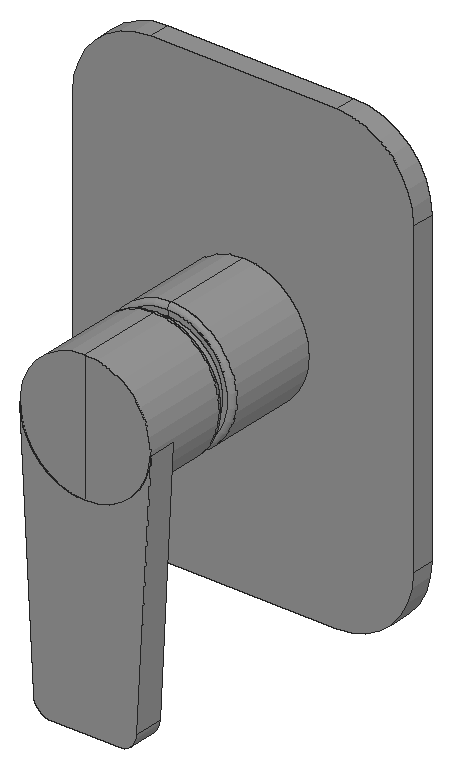
Revit family "MZ RECEP KEOPS", category Plumbing Fixtures, Revit 2019
Family settings
  Round Connector Dimension = Use Diameter
  Part Type = Normal
  OmniClass Number = 23.45.00.00
  OmniClass Title = Sanitary, Laundry, and Cleaning Equipment
  Work Plane-Based = No
  Always vertical = Yes
  Cut with Voids When Loaded = No
  Shared = No
  Room Calculation Point = No
Reference planes
  plane 1 "Center (Front/Back)": y = 0
  plane 2: z = 0
  plane 3 "Center (Left/Right)": x = 0
Forms (mm)
  Extrusion 1, solid
    sketch origin (0, 0, 0) x (1, 0, 0) y (0, 0, 1)
      loop
        line (25, 0) -> (85, 0)
        arc (85, 0) -> (102.678, 7.322) -> (110, 25) r 25
        line (110, 25) -> (110, 125)
        arc (110, 125) -> (102.678, 142.678) -> (85, 150) r 25
        line (85, 150) -> (25, 150)
        arc (25, 150) -> (7.322, 142.678) -> (0, 125) r 25
        line (0, 125) -> (0, 25)
        arc (0, 25) -> (7.322, 7.322) -> (25, 0) r 25
    from 0 to 7
  Revolve 2, solid
    sketch origin (55, 0, 24) x (0, 1, 0) y (0, 0, 1)
      loop
        line (-7, 51.5) -> (-7, 72.5) -> (-35.965, 72.5)
        arc (-35.965, 72.5) -> (-37.05, 72.05) -> (-37.5, 70.965) r 1.535
        line (-37.5, 70.965) -> (-37.5, 69.06)
        arc (-37.5, 69.06) -> (-39.73, 68.621) -> (-41.5, 67.195) r 4.743
        line (-41.5, 67.195) -> (-41.5, 71.067)
        arc (-41.5, 71.067) -> (-41.92, 72.08) -> (-42.933, 72.5) r 1.433
        line (-42.933, 72.5) -> (-70.705, 72.5) -> (-70.705, 51.5) -> (-7, 51.5)
      axis (-7, 51.5) -> (-70.705, 51.5)
    angle from 0 to 360
  Extrusion 3, solid
    sketch origin (0, 0, 24) x (1, 0, 0) y (0, 0, 1)
      loop
        line (34.005, 51.401) -> (38.34, -31.314)
        arc (38.34, -31.314) -> (40.202, -35.352) -> (44.332, -37) r 6
        line (44.332, -37) -> (65.668, -37)
        arc (65.668, -37) -> (69.798, -35.353) -> (71.66, -31.316) r 6
        line (71.66, -31.316) -> (75.966, 50.395)
        arc (75.966, 50.395) -> (54.497, 30.511) -> (34.005, 51.401) r 20.995
    from 61.527 to 70.705
Dimensions and locks
  aligned and locked: level to plane 2
